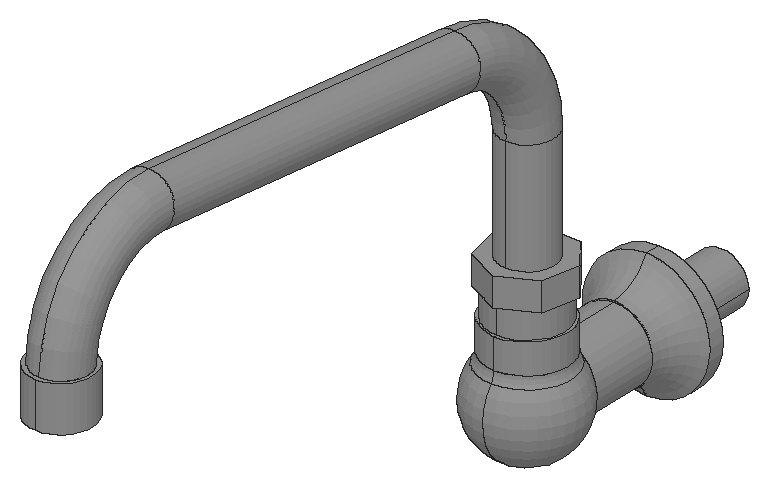
Revit family "Krowne_16-142L_WallMount_Faucet", category Plumbing Fixtures, Revit 2018
Family settings
  Round Connector Dimension = Use Diameter
  Part Type = Normal
  OmniClass Number = 23.45.05.14
  OmniClass Title = Plumbing Fixtures - Sanitary Washing Units
  Work Plane-Based = No
  Always vertical = Yes
  Cut with Voids When Loaded = No
  Shared = No
  Room Calculation Point = No
Parameters
  Plumbing Remarks = ""
  Plumbing Connection Type = ""
  Model = "16-142L"
  Masterspec = ""
  Manufacturer = "Krowne Metal"
  Item Number = ""
  Inlet = 1/2"
  Hot Water Temperature = 100 °F
  Hot Water Size = 1/2"
  Hot Water RI Height = 0"
  Hot Water Flow = 1.8 GPM
  Hot Water Connection Height = 0"
  Description = "Single Hole Wall Mount Remote Spout with 8\" Spout"
  Cold Water Size = 1/2"
  Cold Water RI Height = 0"
  Cold Water Flow = 1.8 GPM
  Cold Water Connection Height = 0"
  Assembly Code = "D2010400"
Reference planes (in)
  plane 1 "Center (Front/Back)": y = 0.31693
  plane 2: z = 0
  plane 3 "Center (Left/Right)": x = 0
  plane 4: x = -3.375
  plane 5: x = 3.375
  plane 6: y = 2.06693
  plane 7: z = 5.375
  plane 8: z = 6.94331
  plane 9: y = 1.19193
  plane 10: y = -6.80807
  plane 11: x = -0.48619
  plane 12: x = 0.48619
  plane 13: x = 0.37508
  plane 14: x = -0.37508
Forms (in)
  Revolve 1, solid, material "QF_Steel-Chrome-Polished"
    sketch origin (0.00008, 1.93849, -0.75) x (0, 1, 0) y (0, 0, 1)
      loop
        arc (-0.75, 0) -> (-0.08276, 0.40752) -> (-0.14062, 1.18722) r 0.75
        arc (-0.14062, 1.18722) -> (-0.17549, 1.25641) -> (-0.1875, 1.33296) r 0.25
        line (-0.1875, 1.33296) -> (-0.1875, 1.75) -> (-0.75, 1.75) -> (-0.75, 0)
      axis (-0.75, 0) -> (-0.75, 1.75)
    angle from 0 to 360
  Extrusion 2, solid, material "QF_Steel-Chrome-Polished"
    sketch origin (12.37831, 3.45564, -0.75) x (1, 0, 0) y (0, 0, 1)
      loop
        circle (-12.37823, 0.75) r 0.375
    from 0 to -1.0625
  Extrusion 3, solid, material "QF_Steel-Chrome-Polished"
    sketch origin (0.00008, 0.03028, 1.23576) x (1, 0, 0) y (0, 1, 0)
      loop
        line (-0.26533, 1.74289) -> (-0.59619, 1.328) -> (-0.4781, 0.81065) -> (0, 0.58041) -> (0.4781, 0.81065) -> (0.59619, 1.328) -> (0.26533, 1.74289) -> (-0.26533, 1.74289)
    from 0.124 to 0.524
  Revolve 4, solid, material "QF_Steel-Chrome-Polished"
    sketch origin (0.00008, -0.00343, 0.44071) x (0, 1, 0) y (0, 0, 1)
      loop
        line (1.19193, 0.91905) -> (0.67143, 0.91905) -> (0.67143, 0.55929) -> (1.19193, 0.55929) -> (1.19193, 0.91905)
      axis (1.19193, 0.91905) -> (1.19193, 0.55929)
    angle from 0 to 360
  Revolve 5, solid, material "QF_Steel-Chrome-Polished"
    sketch origin (0.00008, 3.45564, -1.19193) x (0, 0, 1) y (0, -1, 0)
      loop
        line (1.19193, 0.76714) -> (0.66362, 0.76714)
        arc (0.66362, 0.76714) -> (0.56475, 0.44337) -> (0.31693, 0.21275) r 0.65231
        line (0.31693, 0.21275) -> (0.31693, 0) -> (1.19193, 0) -> (1.19193, 0.76714)
      axis (1.19193, 0.76714) -> (1.19193, 0)
    angle from 0 to 360
  Revolve 6, solid, material "QF_Steel-Chrome-Polished"
    sketch origin (0.00008, 3.24778, -1.19193) x (0, 0, 1) y (0, -1, 0)
      loop
        line (1.19193, 1.66339) -> (0.67143, 1.66339) -> (0.67143, 0.55929) -> (1.19193, 0.55929) -> (1.19193, 1.66339)
      axis (1.19193, 1.66339) -> (1.19193, 0.55929)
    angle from 0 to 360
  Sweep 7, solid, material "QF_Steel-Chrome-Polished"
    path origin (0, 2.13286, 0.69726) x (0, 1, 0) y (0, 0, 1)
      loop
        line (-0.9375, 1.0625) -> (-0.9375, 2.61869)
        arc (-0.9375, 2.61869) -> (-1.30696, 3.55652) -> (-2.2168, 3.99036) r 1.375
        line (-2.2168, 3.99036) -> (-7.4668, 4.59612)
        arc (-7.4668, 4.59612) -> (-8.50033, 4.23) -> (-8.9375, 3.22446) r 1.375
        line (-8.9375, 3.22446) -> (-8.9375, 2.60577)
    profile origin (0, 1.19536, 2.53786) x (0, -1, 0) y (1, 0, 0)
      loop
        circle (0, 0) r 0.375
  Extrusion 8, solid, material "QF_Steel-Chrome-Polished"
    sketch origin (0, -6.80464, 3.30303) x (0, -1, 0) y (-1, 0, 0)
      loop
        circle (0, 0) r 0.4375
    from 0 to -0.625
Lines and regions (in)
  symbolic lines
    curve 1: arc (-0.375, 1.19193, 0) -> (0.00004, 1.56697, 0) -> (0.37508, 1.19193, 0) r 0.37504
    curve 2: line (0.37508, 1.19193, 0) -> (0.37508, -6.80807, 0)
    curve 3: line (-0.375, 1.19193, 0) -> (-0.375, -6.80807, 0)
    curve 4: arc (0.37508, -6.80807, 0) -> (0.00004, -7.18311, 0) -> (-0.375, -6.80807, 0) r 0.37504
    curve 5: arc (-0.375, -6.48951, 0) -> (0.00004, -7.30909, 0) -> (0.37508, -6.48951, 0) r 0.4956
    curve 6: line (0.59627, 1.35828, 0) -> (0.26541, 1.77317, 0)
    curve 7: line (0.26541, 1.77317, 0) -> (-0.26525, 1.77317, 0)
    curve 8: line (-0.26525, 1.77317, 0) -> (-0.5961, 1.35828, 0)
    curve 9: line (-0.5961, 1.35828, 0) -> (-0.47802, 0.84093, 0)
    curve 10: line (-0.47802, 0.84093, 0) -> (-0.375, 0.79132, 0)
    curve 11: line (0.37508, 0.79128, 0) -> (0.47819, 0.84093, 0)
    curve 12: arc (-0.52021, 1.73219, 0) -> (-0.74448, 1.10107, 0) -> (-0.375, 0.54241, 0) r 0.75
    curve 13: arc (0.37508, 0.54246, 0) -> (0.74445, 1.10086, 0) -> (0.52058, 1.73184, 0) r 0.75
    curve 14: line (-0.52021, 1.73219, 0) -> (-0.52021, 2.68849, 0)
    curve 15: line (-0.52021, 2.68849, 0) -> (0.52058, 2.68849, 0)
    curve 16: line (0.52058, 2.68849, 0) -> (0.52058, 1.73184, 0)
    curve 17: line (-0.87492, 3.24289, 0) -> (0.87508, 3.24289, 0)
    curve 18: line (-0.87492, 3.45564, 0) -> (-0.87492, 3.24289, 0)
    curve 19: line (0.87508, 3.45564, 0) -> (-0.87492, 3.45564, 0)
    curve 20: line (0.87508, 3.24289, 0) -> (0.87508, 3.45564, 0)
    curve 21: arc (0.52058, 2.68849, 0) -> (0.62877, 3.00985, 0) -> (0.87508, 3.24289, 0) r 0.7013
    curve 22: arc (-0.52822, 2.68849, 0) -> (-0.63076, 3.00997, 0) -> (-0.87492, 3.24289, 0) r 0.68169
Dimensions and locks (in)
  plane 9 to plane 10 = 8"  (x2)
  plane 6 to plane 1 "Center (Front/Back)" = 1 3/4"
  plane 1 "Center (Front/Back)" to plane 6 = 1 3/4"
  aligned and locked: level to plane 2
Connectors (in)
  piping at (0.00008, 4.51814, 0), diameter 0.5, driven by "Cold Water Size", driven by "Cold Water Flow"
    settings: on Extrusion 2, index 1, connector inside diameter 24", connector length 0", flow factor 0, pipe flow 1.8 GPM, pressure drop 0.00 psi, fitting loss kfactor 0, connector angle 0.00°, fixture units 0, engagement length 0", angle of deflection 0.00°, flow configuration 0, flow direction 1, fitting loss method 0, system type 20, joint type 0, gender type 0, connector reference index -1, connector utility 0, adjustable connector no, is connector primary yes, connector description ""
